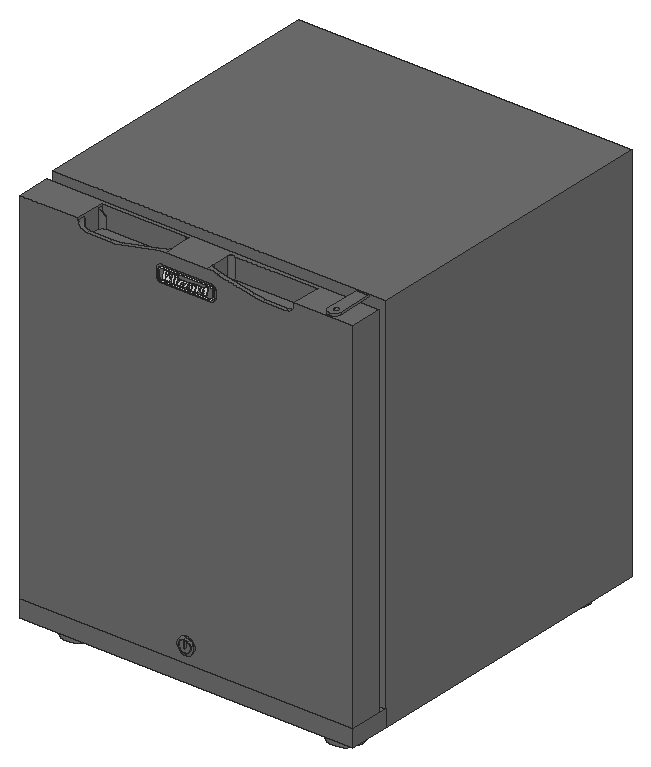
Revit family "QF_BLIZZARD_BMB30_240315112237", category Specialty Equipment, Revit 2021
Family settings
  Round Connector Dimension = Use Diameter
  Part Type = Normal
  OmniClass Number = 23.40.40.14
  OmniClass Title = Food Service Equipment
  Work Plane-Based = No
  Always vertical = Yes
  Cut with Voids When Loaded = No
  Shared = No
  Room Calculation Point = No
Parameters (values of type "BMB30")
  Weight [instance] = 14.5998 kg
  Warranty Start Date [instance] = ""
  Warranty Duration [instance] = ""
  Volts [instance] = 230 V
  Volt Free Conn [instance] = no
  URL Recommended Spares List [instance] = ""
  URL Manufacturer [instance] = ""
  URL Cutsheet [instance] = ""
  URL Critical Spares List [instance] = ""
  URL = "www.blizzardequipment.com"
  Treated Water Size = 0 mm
  Treated Water Recommended Temperature = 0 °C
  Treated Water RI Height [instance] = 0 mm
  Treated Water Minimum Pressure = 0.0 Pa
  Treated Water Maximum Pressure = 0.0 Pa
  Treated Water Flow = 0.0 L/s
  Treated Water Consumption = ""
  Treated Water Connection Height [instance] = 0 mm
  Technical Documentation [instance] = ""
  Tag Number [instance] = ""
  Status [instance] = ""
  Start Up Current [instance] = 0 A
  Specification by User [instance] = ""
  Specification by Manufacturer [instance] = ""
  Sound Level [instance] = ""
  Show Logo [instance] = yes
  Show Clearances [instance] = yes
  Service Life Duration [instance] = ""
  Serial Number [instance] = ""
  Sensitive Heat Output = 0 W
  Seismic Rating [instance] = ""
  SMACNA No [instance] = ""
  Revision Code [instance] = ""
  Revision [instance] = ""
  Refrigeration Suction Line Size = 0 mm
  Refrigeration Liquid Line Size = 0 mm
  Production Year [instance] = ""
  Potential Equalisation [instance] = no
  Point Load [instance] = 0
  Plumbing Remarks [instance] = ""
  Phase [instance] = 1
  Other Equipment Approvals [instance] = ""
  Operational Current [instance] = 0 A
  Odor Trap Included = no
  Number of Poles [instance] = 2
  No Load Power Draw [instance] = no
  National Water Regulation Certification = no
  NAFEM Spec ID Number [instance] = ""
  Model Warning [instance] = ""
  Model = "BMB30"
  Min Ckt Ampacity [instance] = 0 A
  Mechanical Remarks [instance] = ""
  Mechanical Connection Type [instance] = ""
  Max Overcurrent Protection [instance] = 13 A
  Masterspec [instance] = ""
  Manufacturer = "BLIZZARD"
  Main switch integrated [instance] = no
  Length Actual [instance] = 399.999 mm
  Latent Heat Output = 0 W
  Item Number [instance] = ""
  Installed By [instance] = ""
  Installation Date [instance] = ""
  Identify Quantity as Lot [instance] = no
  ID [instance] = ""
  Hygiene Approval [instance] = ""
  Hot Water Consumption = 0.0 L/s
  Height Actual [instance] = 480.009 mm
  HP power [instance] = ""
  Gas power kW = 0
  Furnished By [instance] = ""
  Foodservice Equipment Identifier [instance] = no
  Filtered Water Supply Size = 0 mm
  Filtered Water RI Height [instance] = 0 mm
  Filtered Water Quality = ""
  Filtered Water Minimum Pressure = 0.0 Pa
  Filtered Water Maximum Pressure = 0.0 Pa
  Filtered Water Flow = 0.0 L/s
  Filtered Water Connection Height [instance] = 0 mm
  FL Amps [instance] = 2.82 A
  Energy Efficiency Labelling = ""
  Electrical Remarks [instance] = ""
  Electric power [instance] = 650 W
  Electric Connection Type [instance] = ""
  Elec Conn RI Height [instance] = 0 mm
  Elec Conn Connection Height [instance] = 0 mm
  ETL Approved [instance] = no
  Direct Heat Output = 0 W
  Description = "SOLID DOOR MINI BAR (10 BOTTLES)"
  Depth Actual [instance] = 419.989 mm
  Default Elevation = 0 mm
  Cycle [instance] = 50 Hz
  Cost = 321
  Connection to energy optimisation system [instance] = yes
  Conn Plug [instance] = ""
  Conn Conduit [instance] = no
  Cold Water Consumption = 0.0 L/s
  Centralized building control system with digital interface [instance] = ""
  CSI MasterFormat [instance] = ""
  CE Approved [instance] = no
  Barcode [instance] = 0
  Author [instance] = ""
  Asset Identifier [instance] = ""
  Apparent Power [instance] = 650 VA
  Accessory [instance] = no
Reference planes
  plane 1 "Center (Front/Back)": y = 0
  plane 2: z = 0
  plane 3 "Center (Left/Right)": x = 0
Forms (mm)
  Extrusion 1, solid, not visible
    sketch origin (200.01, -2, 40.002) x (1, 0, 0) y (0, 1, 0)
      loop
        line (-2, 2) -> (-2, -2) -> (2, -2) -> (2, 2) -> (-2, 2)
    from -2 to 2
Dimensions and locks
  locked: Extrusion 1 to nested 2
  locked: nested 2 to Extrusion 1 at 2
  aligned and locked: level to plane 2
Nested families
  nested 1: "QF_BLIZZARD_BMB30_2861" at (0, 0, 0), type "BMB30"
    with Weight 469.734 kg, Warranty Start Date "", Warranty Duration "", URL Cutsheet "", Technical Documentation "", Tag Number "", Status "", Specification by User "", Specification by Manufacturer "", Sound Level "", Solid Fuel Type "", Show Logo yes, Show Clearances yes, Service Life Duration "", Serial Number "", Seismic Rating "", SMACNA No "", Revision Code "", Revision "", Production Year "", Point Load 0, Other Equipment Approvals "", NAFEM Spec ID Number "", Model Warning "", Masterspec "", Length Actual 399.999 mm, Item Number "", Installed By "", Installation Date "", Identify Quantity as Lot yes, ID "", Hygiene Approval "", Height Actual 480.009 mm, Furnished By "", Foodservice Equipment Identifier yes, ETL Approved yes, Depth Actual 419.989 mm, CSI MasterFormat "", CE Approved yes, Barcode "", Author "", Asset Identifier "", Accessory no
  nested 2: "CONN_POINT_ELE_2D___Generic_Annotation" at (200.01, 0, 40.002), type "CONN_POINT_ELE_2D___Generic_Annotation"
    with Onboard connection annotation symbol visibility yes
Connectors
  electrical at (200.01, 0, 40.002), driven by "Apparent Power", driven by "Number of Poles", driven by "Volts"
    settings: on Extrusion 1, index 1, voltage 230 V, apparent load 0 VA, apparent load phase1 650 VA, apparent load phase2 0 VA, apparent load phase3 0 VA, power factor 1, load classification "Other", number of poles 2, system type 31, power factor state 1, is connector primary yes, connector utility no, sub classification motor no, connector description "Electrical connection for BMB30"
Definition of nested family "QF_BLIZZARD_BMB30_2861"
  Parameters (values of type "BMB30")
    Weight [instance] = 0.00 kg
    Warranty Start Date [instance] = ""
    Warranty Duration [instance] = ""
    URL Cutsheet [instance] = ""
    URL = "www.blizzardequipment.com"
    Technical Documentation [instance] = ""
    Tag Number [instance] = ""
    Status [instance] = ""
    Specification by User [instance] = ""
    Specification by Manufacturer [instance] = ""
    Sound Level [instance] = ""
    Solid Fuel Type [instance] = ""
    Show Logo [instance] = yes
    Show Clearances [instance] = yes
    Service Life Duration [instance] = ""
    Serial Number [instance] = ""
    Seismic Rating [instance] = ""
    SMACNA No [instance] = ""
    Revision Code [instance] = ""
    Revision [instance] = ""
    Production Year [instance] = ""
    Point Load [instance] = 0
    Other Equipment Approvals [instance] = ""
    NAFEM Spec ID Number [instance] = ""
    Model Warning [instance] = ""
    Model = "BMB30"
    Masterspec [instance] = ""
    Manufacturer = "BLIZZARD"
    Length Actual [instance] = 0 mm
    Item Number [instance] = ""
    Installed By [instance] = ""
    Installation Date [instance] = ""
    Identify Quantity as Lot [instance] = yes
    ID [instance] = ""
    Hygiene Approval [instance] = ""
    Height Actual [instance] = 0 mm
    Furnished By [instance] = ""
    Foodservice Equipment Identifier [instance] = yes
    ETL Approved [instance] = yes
    Description = "SOLID DOOR MINI BAR (10 BOTTLES)"
    Depth Actual [instance] = 0 mm
    Default Elevation = 0 mm
    CSI MasterFormat [instance] = ""
    CE Approved [instance] = yes
    Barcode [instance] = ""
    Author [instance] = ""
    Asset Identifier [instance] = ""
    Assembly Code = "E1090320"
    Accessory [instance] = yes
  Reference planes
    plane 1 "Back": y = 0
    plane 2: z = 0
    plane 3 "Left": x = 0
    plane 4 "Right": x = 400
    plane 5 "Front": y = -420
    plane 6 "Top": z = 480
  Forms (mm)
    Extrusion 1, solid
      sketch origin (0, 60, 10) x (1, 0, 0) y (0, 0, 1)
        loop
          line (0, 470) -> (0, 10) -> (400, 10) -> (400, 470) -> (0, 470)
      from 60 to 430
    Revolve 2, solid
      sketch origin (0, -40, 0) x (1, 0, 0) y (0, 0, -1)
        loop
          line (50, -20) -> (50, -15) -> (60, -15) -> (60, 0) -> (40, 0) -> (40, -20) -> (50, -20)
        axis (40, 0) -> (40, -20)
      angle from 0 to 360
    Revolve 3, solid
      sketch origin (200, 220, -745) x (0, 1, 0) y (0, 0, 1)
        loop
          line (-640, 812.281) -> (-640, 815) -> (-641, 815) -> (-642.268, 812.281) -> (-640, 812.281)
        axis (-640, 805) -> (-642.268, 805)
      angle from 0 to 360
    Extrusion 4, solid
      sketch origin (200, -420, -745) x (1, 0, 0) y (0, 0, 1)
        loop
          circle (0, 805) r 7.281
      from 0 to 2.268
    Extrusion 5, solid
      sketch origin (-169.781, -420.768, -745) x (1, 0, 0) y (0, 0, 1)
        loop
          line (368.781, 810.281) -> (368.781, 803.281) -> (370.781, 803.281) -> (370.781, 810.281) -> (368.781, 810.281)
      from 0.232 to 2
    Extrusion 6, solid, visible <- "Show Clearances", detail levels coarse
      sketch origin (0, 0, 0) x (1, 0, 0) y (0, 1, 0)
        loop
          arc (0, -420) -> (117.157, -702.843) -> (400, -820) r 400
          line (400, -820) -> (400, -420) -> (0, -420)
      from 40 to 475
    Revolve 7, solid
      sketch origin (400, -40, 0) x (-1, 0, 0) y (0, 0, 1)
        loop
          line (50, 20) -> (40, 20) -> (40, 0) -> (60, 0) -> (60, 15) -> (50, 15) -> (50, 20)
        axis (40, 0) -> (40, 20)
      angle from 0 to 360
    Extrusion 8, solid
      sketch origin (0, -390, 0) x (1, 0, 0) y (0, 0, 1)
        loop
          line (0, 475) -> (0, 40) -> (400, 40) -> (400, 475) -> (0, 475)
      from -10 to 30
    Revolve 9, solid
      sketch origin (0, -380, 0) x (1, 0, 0) y (0, 0, 1)
        loop
          line (50, 20) -> (40, 20) -> (40, 0) -> (60, 0) -> (60, 15) -> (50, 15) -> (50, 20)
        axis (40, 0) -> (40, 20)
      angle from 0 to 360
    Revolve 10, solid
      sketch origin (400, -380, 0) x (-1, 0, 0) y (0, 0, -1)
        loop
          line (50, -20) -> (50, -15) -> (60, -15) -> (60, 0) -> (40, 0) -> (40, -20) -> (50, -20)
        axis (40, 0) -> (40, -20)
      angle from 0 to 360
    Extrusion 11, solid
      sketch origin (0, -380, 0) x (1, 0, 0) y (0, 0, 1)
        loop
          line (0, 40) -> (0, 20) -> (400, 20) -> (400, 40) -> (0, 40)
      from -10 to 40
    Extrusion 12, solid
      sketch origin (40, -380, 0) x (1, 0, 0) y (0, 0, 1)
        loop
          line (-25, 55) -> (345, 55) -> (345, 455) -> (-25, 455) -> (-25, 55)
        loop
          line (-15, 65) -> (335, 65) -> (335, 445) -> (-15, 445) -> (-15, 65)
      from -10 to 0
    Extrusion 13, solid
      sketch origin (0, 0, 477) x (1, 0, 0) y (0, 1, 0)
        loop
          line (380, -370) -> (365, -370) -> (365, -412.5)
          arc (365, -412.5) -> (372.5, -420) -> (380, -412.5) r 7.5
          line (380, -412.5) -> (380, -370)
      from 0 to 2
    Revolve 14, solid
      sketch origin (372.5, 0, 0) x (0, 1, 0) y (0, 0, 1)
        loop
          arc (-410, 480) -> (-411.768, 479.268) -> (-412.5, 477.5) r 2.5
          line (-412.5, 477.5) -> (-412.5, 475) -> (-410, 475) -> (-410, 480)
        axis (-410, 475) -> (-410, 480)
      angle from 0 to 360
    Extrusion 15, void
      sketch origin (0, -390, 0) x (1, 0, 0) y (0, 0, 1)
        loop
          arc (70, 473) -> (72.929, 465.929) -> (80, 463) r 10
          line (80, 463) -> (107.961, 463)
          arc (107.961, 463) -> (114.529, 463.361) -> (121.017, 464.438) r 60
          line (121.017, 464.438) -> (161.944, 473.562)
          arc (161.944, 473.562) -> (168.432, 474.639) -> (175, 475) r 60
          line (175, 475) -> (225, 475)
          arc (225, 475) -> (231.568, 474.639) -> (238.056, 473.562) r 60
          line (238.056, 473.562) -> (278.983, 464.438)
          arc (278.983, 464.438) -> (285.471, 463.361) -> (292.039, 463) r 60
          line (292.039, 463) -> (320, 463)
          arc (320, 463) -> (327.071, 465.929) -> (330, 473) r 10
          line (330, 473) -> (330, 481.978) -> (70, 481.978) -> (70, 473)
      from -5 to 40
    Extrusion 16, void
      sketch origin (0, 0, 230) x (1, 0, 0) y (0, 1, 0)
        loop
          arc (170, -415) -> (173.536, -413.536) -> (175, -410) r 5
          line (175, -410) -> (175, -390)
          arc (175, -390) -> (173.536, -386.464) -> (170, -385) r 5
          line (170, -385) -> (75, -385)
          arc (75, -385) -> (71.464, -386.464) -> (70, -390) r 5
          line (70, -390) -> (70, -410)
          arc (70, -410) -> (71.464, -413.536) -> (75, -415) r 5
          line (75, -415) -> (170, -415)
      from 220 to 250
    Extrusion 17, void
      sketch origin (400, 0, 230) x (-1, 0, 0) y (0, -1, 0)
        loop
          line (170, 415) -> (75, 415)
          arc (75, 415) -> (71.464, 413.536) -> (70, 410) r 5
          line (70, 410) -> (70, 390)
          arc (70, 390) -> (71.464, 386.464) -> (75, 385) r 5
          line (75, 385) -> (170, 385)
          arc (170, 385) -> (173.536, 386.464) -> (175, 390) r 5
          line (175, 390) -> (175, 410)
          arc (175, 410) -> (173.536, 413.536) -> (170, 415) r 5
      from 220 to 250
    Extrusion 18, solid, visible <- "Show Logo"
      sketch origin (142.642, -418.5, 307.727) x (1, 0, 0) y (0, 0, 1)
        loop
          arc (22.13, 139.05) -> (23.822, 134.965) -> (27.907, 133.273) r 5.777
          line (27.907, 133.273) -> (86.809, 133.273)
          arc (86.809, 133.273) -> (90.894, 134.965) -> (92.585, 139.05) r 5.777
          line (92.585, 139.05) -> (92.585, 147.215)
          arc (92.585, 147.215) -> (90.894, 151.299) -> (86.809, 152.991) r 5.777
          line (86.809, 152.991) -> (27.907, 152.991)
          arc (27.907, 152.991) -> (23.822, 151.299) -> (22.13, 147.215) r 5.777
          line (22.13, 147.215) -> (22.13, 139.05)
      from 0 to 2
    Extrusion 19, solid, visible <- "Show Logo"
      sketch origin (142.642, -418.7, 312.735) x (1, 0, 0) y (0, 0, 1)
        loop
          line (30.3, 133.137) -> (36.162, 133.137)
          arc (36.162, 133.137) -> (39.122, 134.994) -> (38.048, 138.319) r 2.844
          arc (38.048, 138.319) -> (38.838, 141.267) -> (36.338, 143.017) r 2.66
          line (36.338, 143.017) -> (31.338, 143.017) -> (30.3, 133.137)
        loop
          line (33.066, 135.126) -> (35.993, 135.126)
          arc (35.993, 135.126) -> (36.943, 136.076) -> (35.993, 137.026) r 0.95
          line (35.993, 137.026) -> (33.066, 137.026) -> (33.066, 135.126)
        loop
          line (33.528, 139.285) -> (36.147, 139.285)
          arc (36.147, 139.285) -> (36.994, 140.133) -> (36.147, 140.98) r 0.847
          line (36.147, 140.98) -> (33.528, 140.98) -> (33.528, 139.285)
        loop
          line (40.306, 133.137) -> (42.874, 133.137) -> (43.912, 143.017) -> (41.344, 143.017) -> (40.306, 133.137)
        loop
          line (45.174, 140.98) -> (47.749, 140.98) -> (47.964, 143.017) -> (45.389, 143.017) -> (45.174, 140.98)
        loop
          line (45.104, 140.313) -> (44.35, 133.137) -> (46.671, 133.137) -> (47.425, 140.313) -> (45.104, 140.313)
        loop
          line (48.314, 138.359) -> (51.196, 138.359) -> (47.765, 134.548) -> (47.765, 133.137) -> (54.184, 133.137) -> (54.393, 135.126) -> (51.213, 135.126) -> (54.657, 138.952) -> (54.657, 140.313) -> (48.519, 140.313) -> (48.314, 138.359)
        loop
          line (55.213, 138.359) -> (58.095, 138.359) -> (54.664, 134.548) -> (54.664, 133.137) -> (61.084, 133.137) -> (61.293, 135.126) -> (58.112, 135.126) -> (61.557, 138.952) -> (61.557, 140.313) -> (55.419, 140.313) -> (55.213, 138.359)
        loop
          arc (64.816, 137.983) -> (65.785, 138.952) -> (66.753, 137.983) r 0.969
          line (66.753, 137.983) -> (64.711, 137.436)
          arc (64.711, 137.436) -> (62.642, 134.297) -> (66.342, 133.633) r 2.251
          line (66.342, 133.633) -> (66.77, 132.921) -> (69.168, 132.921) -> (68.641, 134.052) -> (69.084, 138.274)
          arc (69.084, 138.274) -> (65.782, 140.567) -> (62.514, 138.225) r 3.488
          line (62.514, 138.225) -> (64.816, 137.983)
        loop
          line (69.848, 133.137) -> (72.232, 133.137) -> (72.59, 136.546)
          arc (72.59, 136.546) -> (73.413, 137.974) -> (75.025, 138.32) r 2.029
          line (75.025, 138.32) -> (75.83, 140.313)
          arc (75.83, 140.313) -> (74.279, 140.541) -> (72.927, 139.749) r 2.362
          line (72.927, 139.749) -> (72.927, 140.627) -> (70.635, 140.627) -> (69.848, 133.137)
        loop
          line (82.596, 133.137) -> (83.635, 143.017) -> (81.373, 143.017) -> (81.031, 139.764)
          arc (81.031, 139.764) -> (75.402, 137.124) -> (80.359, 133.372) r 3.631
          line (80.359, 133.372) -> (82.596, 133.137)
        loop
          spline (78.956, 134.82) -> (79.32, 134.851) -> (79.675, 135.016) -> (79.994, 135.304) -> (80.258, 135.695) -> (80.446, 136.164) -> (80.548, 136.677) -> (80.555, 137.2) -> (80.468, 137.697) -> (80.292, 138.134) -> (80.039, 138.483) -> (79.727, 138.718) -> (79.376, 138.823)
          spline (79.376, 138.823) -> (79.011, 138.793) -> (78.657, 138.628) -> (78.338, 138.34) -> (78.074, 137.948) -> (77.886, 137.48) -> (77.784, 136.967) -> (77.777, 136.444) -> (77.864, 135.947) -> (78.04, 135.509) -> (78.293, 135.161) -> (78.605, 134.926) -> (78.956, 134.82)
        loop
          line (66.385, 136.28) -> (64.729, 135.958)
          arc (64.729, 135.958) -> (64.361, 135.233) -> (65.042, 134.788) r 0.609
          arc (65.042, 134.788) -> (66.068, 135.215) -> (66.385, 136.28) r 1.295
        loop
          line (85.459, 146.184) -> (29.578, 146.184)
          arc (29.578, 146.184) -> (25.494, 144.492) -> (23.802, 140.407) r 5.777
          line (23.802, 140.407) -> (23.802, 135.662)
          arc (23.802, 135.662) -> (25.494, 131.578) -> (29.578, 129.886) r 5.777
          line (29.578, 129.886) -> (85.459, 129.886)
          arc (85.459, 129.886) -> (89.544, 131.578) -> (91.236, 135.662) r 5.777
          line (91.236, 135.662) -> (91.236, 140.407)
          arc (91.236, 140.407) -> (89.544, 144.492) -> (85.459, 146.184) r 5.777
        loop
          line (85.459, 145.184) -> (29.578, 145.184)
          arc (29.578, 145.184) -> (26.201, 143.785) -> (24.802, 140.407) r 4.777
          line (24.802, 140.407) -> (24.802, 135.662)
          arc (24.802, 135.662) -> (26.201, 132.285) -> (29.578, 130.886) r 4.777
          line (29.578, 130.886) -> (85.459, 130.886)
          arc (85.459, 130.886) -> (88.837, 132.285) -> (90.236, 135.662) r 4.777
          line (90.236, 135.662) -> (90.236, 140.407)
          arc (90.236, 140.407) -> (88.837, 143.785) -> (85.459, 145.184) r 4.777
      from 0 to 2
  Cuts and joins
    Extrusion 15, Extrusion 16, Extrusion 17 cuts Extrusion 8
  Lines and regions (mm)
    symbolic lines
      curve 1: line (0, 0, 0) -> (400, 0, 0)
      curve 2: line (0, -420, 0) -> (0, 0, 0)
      curve 3: line (400, -420, 0) -> (0, -420, 0)
      curve 4: line (400, 0, 0) -> (400, -420, 0)
      curve 5: line (0, -370, 0) -> (400, -370, 0)
      curve 8: line (365, -370, 0) -> (365, -412.5, 0)
      curve 9: line (380, -412.5, 0) -> (380, -370, 0)
      curve 10: arc (365, -412.5, 0) -> (372.5, -420, 0) -> (380, -412.5, 0) r 7.5
      curve 11: line (400, -380, 0) -> (380, -380, 0)
      curve 12: line (365, -380, 0) -> (0, -380, 0)
      curve 13: line (330, -385, 0) -> (330, -420, 0)
      curve 14: line (70, -385, 0) -> (70, -420, 0)
      curve 15: line (70, -385, 0) -> (330, -385, 0)
    symbolic lines, visible <- "Show Clearances"
      curve 6: line (400, -820, 0) -> (400, -420, 0)
      curve 7: arc (0, -420, 0) -> (117.157, -702.843, 0) -> (400, -820, 0) r 400
  Dimensions and locks
    plane 3 "Left" to plane 4 "Right" = 400 mm
    plane 5 "Front" to plane 1 "Back" = 420 mm
    plane 6 "Top" to level = 480 mm  (x2)
    plane 1 "Back" to plane 5 "Front" = 420 mm
    plane 4 "Right" to plane 3 "Left" = 400 mm
    aligned and locked: level to plane 2
Definition of nested family "CONN_POINT_ELE_2D___Generic_Annotation"
  Parameters (values of type "CONN_POINT_ELE_2D___Generic_Annotation")
    Onboard connection annotation symbol visibility [instance] = yes
  Reference planes
    plane 1: y = 0
    plane 2: x = 0
  Lines and regions (mm)
    detail lines, visible <- "Onboard connection annotation symbol visibility"
      curve 1: circle (0, 0, 0) r 0.5 normal (0, 0, 1)
      curve 2: line (-1, 0, 0) -> (1, 0, 0)
      curve 3: line (0, 1, 0) -> (0, -1, 0)
      curve 4: line (2.5, 1, 0) -> (1.25, 1, 0)
      curve 5: line (1.25, 1, 0) -> (1.25, -1, 0)
      curve 6: line (1.25, -1, 0) -> (2.5, -1, 0)
      curve 7: line (1.25, 0, 0) -> (2, 0, 0)
